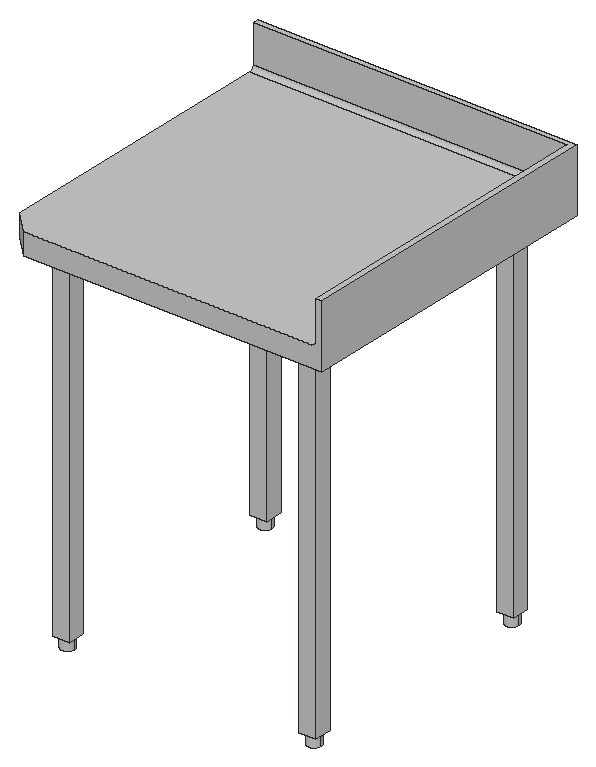
Revit family "QF_ELECTROLUXPROFESSIONAL_132760_TGAPN", category Attrezzature speciali, Revit 2020
Family settings
  Quota connettore circolare = Usa diametro
  Tipo di parte = Normale
  Basato su piano di lavoro = No
  Sempre verticale = Sì
  Taglio con vuoti quando caricato = No
  Condiviso = No
  Punto di calcolo locali = No
Parameters (values of type "Standard")
  Weight = 35.00 kg
  Watts = 0 W
  Volts = 0 V
  URL Manufacturer = "https://www.electroluxprofessional.com/"
  URL = "https://www.electroluxprofessional.com/"
  Steam Supply Size = 0 mm
  Steam Supply Minimum Pressure = 0.0 Pa
  Steam Supply Maximum Pressure = 0.0 Pa
  Steam Consumption per Hour = 0
  Refrigeration Suction Line Size = 0.0 mm
  Refrigeration Liquid Line Size = 0.0 mm
  Refrigerant Compressor Remote = yes
  Prospetto di default = 0.0 mm
  Produttore = "Electrolux Professional"
  Phase = 0
  Modello = "TGAPN"
  Length Actual = 750.0 mm  # constant formula
  Item Number = "132760"
  Hot Water Size = 0 mm
  Height Actual = 1000.0 mm  # constant formula
  HP = "0 HP"
  Gas Size = 0 mm
  Gas KW = 0
  Gas Input Pressure = 0 W
  Direct Waste Size = 0 mm
  Descrizione = "CORNER TYPE WORK TABLE 750X750 MM"
  Depth Actual = 750.0 mm  # constant formula
  Cycle = 0 Hz
  Condensate Return Size = 0 mm
  Compressed Air Volume = 0.0 L/s
  Compressed Air Size = 0 mm
  Compressed Air Pressure = 0.0 Pa
  Cold Water Size = 0 mm
  Accessory = yes
Reference planes
  plane 1 "Center (Front/Back)": y = 0
  plane 2: z = 0
  plane 3 "Center (Left/Right)": x = 0
  plane 4 "LEFT": x = -375
  plane 5 "RIGHT": x = 375
  plane 6 "BACK": y = 375
  plane 7 "FRONT": y = -375
  plane 8 "Base": z = 850
  plane 9 "TOP": z = 900
  plane 10: x = -290.5
  plane 11: x = 290.5
  plane 12: y = 290.5
  plane 13: y = -290.5
Forms (mm)
  Extrusion 1, solid, material "QF_Finishes_Stainless Steel"
    sketch origin (0, 0, 0) x (0, 1, 0) y (0, 0, 1)
      loop
        line (375, 900) -> (375, 1000) -> (362, 1000) -> (362, 910)
        arc (362, 910) -> (359.071, 902.929) -> (352, 900) r 10
        line (352, 900) -> (375, 900)
    from 375 to -375
  Extrusion 2, solid, material "QF_Finishes_Stainless Steel"
    sketch origin (0, 0, -100) x (1, 0, 0) y (0, 0, 1)
      loop
        line (375, 1000) -> (375, 1100) -> (362, 1100) -> (362, 1010)
        arc (362, 1010) -> (359.071, 1002.929) -> (352, 1000) r 10
        line (352, 1000) -> (375, 1000)
    from 375 to -375
  Extrusion 3, solid, material "QF_Finishes_Stainless Steel"
    sketch origin (0, 0, 850) x (0, 1, 0) y (-1, 0, 0)
      loop
        line (-375, 325) -> (-375, -375) -> (375, -375) -> (375, 375) -> (-325, 375) -> (-375, 325)
    from 0 to 50
Cuts and joins
  joined: Extrusion 1, Extrusion 2, Extrusion 3
Lines and regions (mm)
  symbolic lines
    curve 1: line (375, 375, 900) -> (-375, 375, 900)
    curve 2: line (-375, 375, 900) -> (-375, -325, 900)
    curve 3: line (-325, -375, 900) -> (375, -375, 900)
    curve 4: line (375, -375, 900) -> (375, 375, 900)
    curve 5: line (362, 362, 900) -> (-375, 362, 900)
    curve 6: line (362, 362, 900) -> (362, -375, 900)
    curve 7: line (-375, -325, 900) -> (-325, -375, 900)
Dimensions and locks
  plane 4 "LEFT" to plane 5 "RIGHT" = 750.0 mm
  equal spacing: plane 4 "LEFT", plane 3 "Center (Left/Right)", plane 5 "RIGHT"
  equal spacing: plane 6 "BACK", plane 1 "Center (Front/Back)", plane 7 "FRONT"
  plane 6 "BACK" to plane 7 "FRONT" = 750.0 mm
  locked: plane 8 "Base" to level at 850
  plane 6 "BACK" to plane 12 = 84.5 mm
  plane 13 to plane 7 "FRONT" = 84.5 mm
  plane 4 "LEFT" to plane 10 = 84.5 mm
  plane 11 to plane 5 "RIGHT" = 84.5 mm
  plane 10 to plane 11 = 581.0 mm
  plane 12 to plane 13 = 581.0 mm
  locked: Extrusion 1 to level at 1000
  plane 9 "TOP" to level = 900.0 mm
  aligned and locked: level to plane 2
  aligned and locked: plane 10 to nested 1
  aligned and locked: nested 1 to plane 13
  aligned and locked: plane 11 to nested 2
  aligned and locked: nested 2 to plane 13
  aligned and locked: plane 11 to nested 4
  aligned and locked: nested 4 to plane 12
  aligned and locked: plane 10 to nested 3
  aligned and locked: nested 3 to plane 12
  aligned and locked: Extrusion 1 to plane 4 "LEFT"
  aligned and locked: plane 5 "RIGHT" to Extrusion 1
  aligned and locked: plane 6 "BACK" to Extrusion 2
  aligned and locked: Extrusion 2 to plane 7 "FRONT"
  aligned and locked: Extrusion 3 sketch curve to plane 4 "LEFT"
  aligned and locked: plane 6 "BACK" to Extrusion 3 sketch curve
  aligned and locked: plane 5 "RIGHT" to Extrusion 3 sketch curve
  aligned and locked: plane 9 "TOP" to cut or joined group of Extrusion 1, Extrusion 2, Extrusion 3
  aligned and locked: cut or joined group of Extrusion 1, Extrusion 2, Extrusion 3 to plane 4 "LEFT"
  aligned and locked: plane 5 "RIGHT" to cut or joined group of Extrusion 1, Extrusion 2, Extrusion 3
  aligned and locked: plane 6 "BACK" to cut or joined group of Extrusion 1, Extrusion 2, Extrusion 3
  aligned and locked: cut or joined group of Extrusion 1, Extrusion 2, Extrusion 3 to plane 7 "FRONT"
Automatic sketch dimensions
  Extrusion 1 sketch curve to plane 9 "TOP" = 0.0 mm
  Extrusion 1 sketch curve to plane 6 "BACK" = 0.0 mm
  Extrusion 1 sketch curve to plane 6 "BACK" = 13.0 mm
  Extrusion 1 sketch curve to Extrusion 1 sketch curve = 10.0 mm
  Extrusion 1 sketch curve to Extrusion 1 sketch curve = 90.0 mm
  Extrusion 2 sketch curve to plane 5 "RIGHT" = 0.0 mm
  Extrusion 2 sketch curve to plane 5 "RIGHT" = 13.0 mm
  Extrusion 2 sketch curve to Extrusion 2 sketch curve = 10.0 mm
  plane 9 "TOP" to Extrusion 2 sketch curve = 0.0 mm
  Extrusion 2 sketch curve to Extrusion 2 sketch curve = 90.0 mm
  Extrusion 3 sketch curve to plane 7 "FRONT" = 0.0 mm
  Extrusion 3 sketch curve to plane 13 = 34.5 mm
  Extrusion 3 sketch curve to plane 10 = 34.5 mm
  curve 4 to plane 5 "RIGHT" = 0.0 mm
  curve 4 to plane 7 "FRONT" = 0.0 mm
  curve 2 to plane 4 "LEFT" = 0.0 mm
  curve 4 to plane 6 "BACK" = 0.0 mm
  curve 5 to plane 6 "BACK" = 13.0 mm
  curve 6 to plane 5 "RIGHT" = 13.0 mm
  curve 2 to plane 13 = 34.5 mm
  curve 3 to plane 10 = 34.5 mm
Nested families
  nested 1: "FEET_40x40" at (-290.5, -290.5, 0), type "FEET_40x40"
  nested 2: "FEET_40x40" at (290.5, -290.5, 0), type "FEET_40x40"
  nested 3: "FEET_40x40" at (-290.5, 290.5, 0), type "FEET_40x40"
  nested 4: "FEET_40x40" at (290.5, 290.5, 0), type "FEET_40x40"
Definition of nested family "FEET_40x40"
  Parameters
    Default Elevation = 0.0 mm
    FEET = 850.0 mm
  Reference planes
    plane 1 "Center (Front/Back)": y = 0
    plane 2: z = 0
    plane 3 "Center (Left/Right)": x = 0
    plane 4: z = 850
  Forms (mm)
    Extrusion 1, solid
      sketch origin (0, 0, 0) x (1, 0, 0) y (0, 1, 0)
        loop
          line (-20, -20) -> (20, -20) -> (20, 20) -> (-20, 20) -> (-20, -20)
      from 25 to 845
    Extrusion 2, solid
      sketch origin (0, 0, 0) x (1, 0, 0) y (0, 1, 0)
        loop
          circle (0, 0) r 16
      from 0 to 25
    Extrusion 3, solid
      sketch origin (0, 0, 0) x (1, 0, 0) y (0, 1, 0)
        loop
          line (30, 30) -> (-30, 30) -> (-30, -30) -> (30, -30) -> (30, 30)
      from 845 to 850
  Lines and regions (mm)
    symbolic lines
      curve 1: line (0, -1.503, 0) -> (0, 1.508, 0)
      curve 2: line (1.561, 0, 0) -> (-1.439, 0, 0)
  Dimensions and locks
    "FEET": plane 4 to plane 2
    aligned and locked: level to plane 2
  Automatic sketch dimensions
    Extrusion 1 sketch curve to plane 3 "Center (Left/Right)" = 20.0 mm
    plane 3 "Center (Left/Right)" to Extrusion 1 sketch curve = 20.0 mm
    plane 1 "Center (Front/Back)" to Extrusion 1 sketch curve = 20.0 mm
    Extrusion 1 sketch curve to plane 1 "Center (Front/Back)" = 20.0 mm
    plane 1 "Center (Front/Back)" to Extrusion 2 sketch curve = 0.0 mm
    Extrusion 2 sketch curve to plane 3 "Center (Left/Right)" = 0.0 mm
    plane 3 "Center (Left/Right)" to Extrusion 3 sketch curve = 30.0 mm
    Extrusion 3 sketch curve to plane 1 "Center (Front/Back)" = 30.0 mm
    Extrusion 3 sketch curve to plane 3 "Center (Left/Right)" = 30.0 mm
    plane 1 "Center (Front/Back)" to Extrusion 3 sketch curve = 30.0 mm
    plane 1 "Center (Front/Back)" to curve 2 = 0.0 mm
    curve 1 to plane 3 "Center (Left/Right)" = 0.0 mm
    curve 2 to plane 3 "Center (Left/Right)" = 1.439 mm
    plane 3 "Center (Left/Right)" to curve 2 = 1.561 mm
    plane 1 "Center (Front/Back)" to curve 1 = 1.503 mm
    curve 1 to plane 1 "Center (Front/Back)" = 1.508 mm
    radius of Extrusion 2 sketch curve = 16.0 mm
